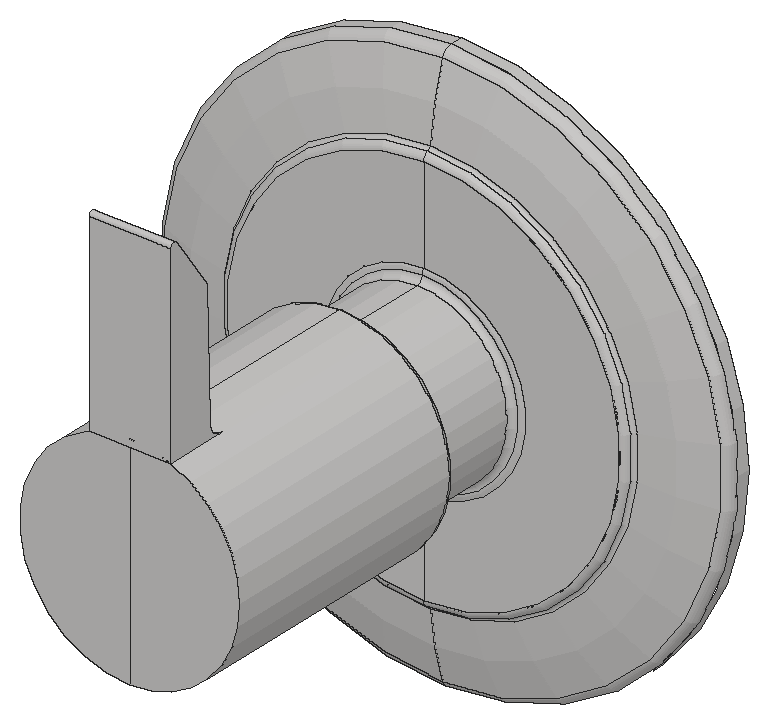
Revit family "Delta Bath Compel 11961", category Plumbing Fixtures, host Wall, Revit 2013
Parameters (values of type "Delta Bath Compel 11961")
  URL = "http://www.deltafaucet.com"
  Tap = Stainless Steel
  Model = "11961"
  Manufacturer = "Delta"
Reference planes (in)
  plane 1: y = 0
  plane 2 "Center (Left/Right)": x = 0
  plane 3 "Wall Edge": y = 3
Text (in)
  text "Placement Side" at (0, 40.15149, 123.01588), in view "Right"
  text "Placement Side" at (-70.3804, 28.46503, 0), in view "Ref. Level"
  text "Placement Side" at (0, 81.62555, 140.59947), in view "Left"
Dimensions and locks (in)
  locked: plane 3 "Wall Edge" to host wall
  aligned and locked: host wall to nested 1
Nested families (in)
  nested 1: "Delta Bath Compel 11961" at (0, -3, 25.75), type "Delta Bath Compel 11961"
Connectors (in)
  piping at (0, -3, 28)
    settings: on nested 1, index 2, connector radius 12", flow factor 0, pipe flow 0 GPM, pressure drop 0.00 psi, fitting loss kfactor 0, connector angle 0.00°, fixture units 0, engagement length 0' - 0", flow configuration 0, flow direction 0, fitting loss method 0, system type 7, joint type 0, gender type 0, connector reference index -1, connector utility 0, adjustable connector no, is connector primary yes, fitting loss table "", connector description ""
Definition of nested family "Delta Bath Compel 11961"
  Parameters (values of type "Delta Bath Compel 11961")
    logo = logo
    URL = "http://www.deltafaucet.com"
    Tap = Stainless Steel
    Model = "Delta Bath Compel 11961"
    Manufacturer = "Delta"
  Reference planes (in)
    plane 1 "Center (Front/Back)": y = 0
    plane 2: z = 0
    plane 3 "Center (Left/Right)": x = 0
  Forms (in)
    Revolve 1, solid, material "Stainless Steel" <- "Tap"
      sketch origin (0, -8.86778, -9.96496) x (0, 1, 0) y (0, 0, 1)
        loop
          line (8.86778, 12.21496) -> (8.86778, 14.46496) -> (8.76949, 14.46496)
          arc (8.76949, 14.46496) -> (8.71801, 14.44878) -> (8.68503, 14.40606) r 0.09
          arc (8.68503, 14.40606) -> (8.60487, 14.12761) -> (8.56578, 13.8405) r 2
          arc (8.56578, 13.8405) -> (8.55884, 13.82313) -> (8.54297, 13.81324) r 0.03
          arc (8.54297, 13.81324) -> (8.5104, 13.79247) -> (8.49724, 13.75616) r 0.06
          line (8.49724, 13.75616) -> (8.49724, 12.21496) -> (8.86778, 12.21496)
        axis (8.49724, 12.21496) -> (8.86778, 12.21496)
      angle from 0 to 360
    Revolve 2, solid, material "Stainless Steel" <- "Tap"
      sketch origin (0, -8.86778, -9.96496) x (0, 1, 0) y (0, 0, 1)
        loop
          line (7.69778, 12.91496) -> (7.69778, 12.21496) -> (8.49724, 12.21496) -> (8.49724, 13.01266)
          arc (8.49724, 13.01266) -> (8.49017, 12.98928) -> (8.48778, 12.96496) r 0.125
          arc (8.48778, 12.96496) -> (8.47314, 12.9296) -> (8.43778, 12.91496) r 0.05
          line (8.43778, 12.91496) -> (7.69778, 12.91496)
        axis (7.69778, 12.21496) -> (8.49724, 12.21496)
      angle from 0 to 360
    Revolve 3, solid, material "Stainless Steel" <- "Tap"
      sketch origin (0, -8.86778, -9.96496) x (0, 1, 0) y (0, 0, 1)
        loop
          line (7.69778, 12.21387) -> (5.61778, 12.21387) -> (5.61778, 11.34996) -> (7.67174, 11.34996)
          arc (7.67174, 11.34996) -> (7.69015, 11.35759) -> (7.69778, 11.37601) r 0.02605
          line (7.69778, 11.37601) -> (7.69778, 12.21387)
        axis (7.69778, 12.21387) -> (5.61778, 12.21387)
      angle from 0 to 360
    Extrusion 4, solid, material "Stainless Steel" <- "Tap"
      sketch origin (-0.26941, -8.86778, -9.96496) x (0, 1, 0) y (0, 0, 1)
        loop
          line (5.9635, 14.12559) -> (5.67236, 14.54139)
          arc (5.67236, 14.54139) -> (5.63876, 14.55279) -> (5.61778, 14.52418) r 0.03
          line (5.61778, 14.52418) -> (5.61778, 13.0171) -> (6.11649, 13.0171)
          arc (6.11649, 13.0171) -> (6.02937, 13.05246) -> (5.99154, 13.13855) r 0.125
          line (5.99154, 13.13855) -> (5.9635, 14.12559)
      from -0.04782 to 0.59385
  Dimensions and locks (in)
    aligned and locked: level to plane 2
